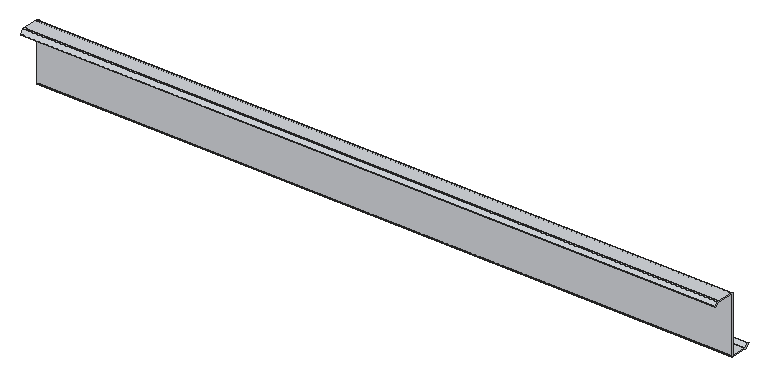
Revit family "SF_ZTubest", category Structural Framing, Revit 2022
Family settings
  Section Shape = Not Defined
  Material for Model Behavior = Other
  Always export as geometry = No
  OmniClass Number = 23.25.30.11.14.14
  OmniClass Title = Beams
  Always vertical = Yes
  Cut with Voids When Loaded = No
  Symbolic Representation = From Family
  Shared = No
  Show family pre-cut in plan views = Yes
Parameters (values of type "Z 250x75x20x3")
  e = 3 mm
  R = 3 mm
  URL = ""
  Type Comments = ""
  Structural Material [instance] = ASTM A36
  Model = ""
  Manufacturer = ""
  Length [instance] = 3000 mm
  Keynote = ""
  Description = ""
  C = 20 mm
  Bs = 75 mm
  Bi = 70 mm
  Assembly Code = ""
  A = 250 mm
Types (24, lengths in mm): name | e | C | Bs | Bi | A
  Z 250x75x20x3 | 3 | 20 | 75 | 70 | 250
  Z 250x75x20x2.5 | 2.5 | 20 | 75 | 70 | 250
  Z 250x75x20x2 | 2 | 20 | 75 | 70 | 250
  Z 250x75x20x1.6 | 1.6 | 20 | 75 | 70 | 250
  Z 200x75x20x3 | 3 | 20 | 75 | 70 | 200
  Z 200x75x20x2.5 | 2.5 | 20 | 75 | 70 | 200
  Z 200x75x20x2 | 2 | 20 | 75 | 70 | 200
  Z 200x75x20x1.6 | 1.6 | 20 | 75 | 70 | 200
  Z 175x75x20x3 | 3 | 20 | 75 | 70 | 175
  Z 175x75x20x2.5 | 2.5 | 20 | 75 | 70 | 175
  Z 175x75x20x2 | 2 | 20 | 75 | 70 | 175
  Z 175x75x20x1.6 | 1.6 | 20 | 75 | 70 | 175
  Z 150x50x15x3 | 3 | 15 | 50 | 45 | 150
  Z 150x50x15x2.5 | 2.5 | 15 | 50 | 45 | 150
  Z 150x50x15x2 | 2 | 15 | 50 | 45 | 150
  Z 150x50x15x1.6 | 1.6 | 15 | 50 | 45 | 150
  Z 125x50x15x3 | 3 | 15 | 50 | 45 | 125
  Z 125x50x15x2.5 | 2.5 | 15 | 50 | 45 | 125
  Z 125x50x15x2 | 2 | 15 | 50 | 45 | 125
  Z 125x50x15x1.6 | 1.6 | 15 | 50 | 45 | 125
  Z 100x50x15x3 | 3 | 15 | 50 | 45 | 100
  Z 100x50x15x2.5 | 2.5 | 15 | 50 | 45 | 100
  Z 100x50x15x2 | 2 | 15 | 50 | 45 | 100
  Z 100x50x15x1.6 | 1.6 | 15 | 50 | 45 | 100
Reference planes
  plane 1 "Center (Front/Back)": y = 0
  plane 2 "Center Elevation": z = 0
  plane 3 "Center (Left/Right)": x = 0
  plane 4 "Left": x = -1500
  plane 5 "Member Left": x = -1250
  plane 6 "Stick Symbol Left": x = -1000
  plane 7 "Right": x = 1500
  plane 8 "Member Right": x = 1250
  plane 9 "Stick Symbol Right": x = 1000
Forms (mm)
  Sweep 1, solid
    path origin (0, 0, 0) x (1, 0, 0) y (0, 1, 0)
      loop
        line (-1500, 0) -> (1500, 0)
    profile "ZTubest : ZTubest" origin (0, 0, 0) x (0, 1, 0) y (0, 0, 1)
      loop
        line (0, -119) -> (0, 119)
        arc (0, 119) -> (-1.757, 123.243) -> (-6, 125) r 6
        line (-6, 125) -> (-75, 125)
        arc (-75, 125) -> (-77.296, 124.543) -> (-79.243, 123.243) r 6
        line (-79.243, 123.243) -> (-93.385, 109.101) -> (-91.263, 106.979) -> (-77.121, 121.121)
        arc (-77.121, 121.121) -> (-76.148, 121.772) -> (-75, 122) r 3
        line (-75, 122) -> (-6, 122)
        arc (-6, 122) -> (-3.879, 121.121) -> (-3, 119) r 3
        line (-3, 119) -> (-3, -119)
        arc (-3, -119) -> (-1.243, -123.243) -> (3, -125) r 6
        line (3, -125) -> (67, -125)
        arc (67, -125) -> (69.296, -124.543) -> (71.243, -123.243) r 6
        line (71.243, -123.243) -> (85.385, -109.101) -> (83.263, -106.979) -> (69.121, -121.121)
        arc (69.121, -121.121) -> (68.148, -121.772) -> (67, -122) r 3
        line (67, -122) -> (3, -122)
        arc (3, -122) -> (0.879, -121.121) -> (0, -119) r 3
Dimensions and locks
  equal spacing: plane 4 "Left", plane 3 "Center (Left/Right)", plane 7 "Right"
  "Length": plane 4 "Left" to plane 7 "Right"
  aligned and locked: level to plane 2 "Center Elevation"
Automatic sketch dimensions
  Sweep 1 sketch curve to plane 4 "Left" = 0 mm
  Sweep 1 sketch curve to plane 7 "Right" = 0 mm
  plane 1 "Center (Front/Back)" to Sweep 1 sketch curve = 0 mm
